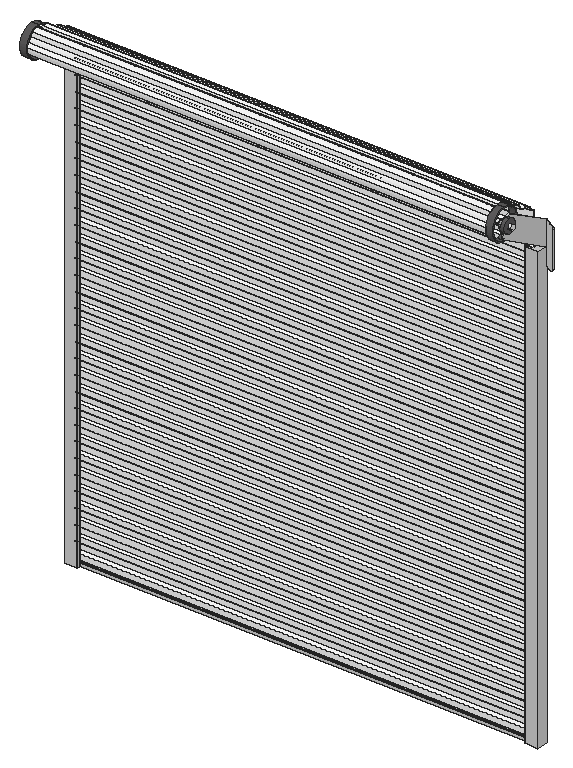
Revit family "ProStar-Rolling-Steel-Sheet-Doors_OHD_Model-770SS-REV-A_compact", category Specialty Equipment, host Wall, Revit 2023 (continued)
Definition of nested family "Motor"
  Automatic sketch dimensions
    SweptBlend 3 sketch curve to profile plane = 1.743"  (x2)
    SweptBlend 3 sketch curve to plane 3 "Center (Left/Right)" = 2.7335"  (x2)
    plane 3 "Center (Left/Right)" to SweptBlend 3 sketch curve = 0.26976"  (x2)
    plane 3 "Center (Left/Right)" to SweptBlend 3 sketch curve = 2.7335"  (x2)
    SweptBlend 3 sketch curve to SweptBlend 3 sketch curve = 7.83"
    SweptBlend 3 sketch curve to SweptBlend 3 sketch curve = 0.37887"  (x2)
    SweptBlend 3 sketch curve to profile plane = 1.25556"
    profile plane to SweptBlend 3 sketch curve = 2.007"
    SweptBlend 3 sketch curve to profile plane = 0.46716"  (x2)
    SweptBlend 3 sketch curve to SweptBlend 3 sketch curve = 3 19/32"  (x2)
    SweptBlend 3 sketch curve to SweptBlend 3 sketch curve = 0.33603"
    SweptBlend 3 sketch curve to SweptBlend 3 sketch curve = 3.70716"
    SweptBlend 3 sketch curve to profile plane = 8.34"
    SweptBlend 3 sketch curve to level = 12.368"
    SweptBlend 3 sketch curve to level = 5.998"
    SweptBlend 4 sketch curve to plane 3 "Center (Left/Right)" = 0"  (x2)
    profile plane to SweptBlend 4 sketch curve = 0.92799"  (x2)
    SweptBlend 4 sketch curve to profile plane = 0.32201"
    SweptBlend 4 sketch curve to plane 3 "Center (Left/Right)" = 2.7335"  (x2)
    SweptBlend 4 sketch curve to SweptBlend 4 sketch curve = 38.07601"
    profile plane to SweptBlend 4 sketch curve = 8.23084"
    profile plane to SweptBlend 4 sketch curve = 0.46716"  (x2)
    SweptBlend 4 sketch curve to profile plane = 0.78284"
    SweptBlend 4 sketch curve to level = 6.18182"
    level to SweptBlend 4 sketch curve = 2.182"
    Extrusion 5 sketch curve to curve 1 = 1.733"
    Extrusion 5 sketch curve to Extrusion 5 sketch curve = 0.047"  (x2)
    Extrusion 5 sketch curve to curve 1 = 0.88341"
    curve 1 to Extrusion 5 sketch curve = 0.76595"
    Extrusion 5 sketch curve to Extrusion 5 sketch curve = 0.43513"
    Extrusion 5 sketch curve to curve 1 = 6.81"
    Extrusion 5 sketch curve to Extrusion 5 sketch curve = 0.08225"  (x2)
    Extrusion 5 sketch curve to Extrusion 5 sketch curve = 0"
    curve 1 to Extrusion 5 sketch curve = 1/2"
    Extrusion 6 sketch curve to curve 1 = 5.1"
    Extrusion 6 sketch curve to Extrusion 6 sketch curve = 0.15"  (x4)
    Extrusion 6 sketch curve to curve 1 = 1.633"
    curve 1 to Extrusion 6 sketch curve = 1.483"
    curve 1 to Extrusion 6 sketch curve = 1/2"
    Revolve 7 sketch curve to curve 1 = 0"  (x2)
    curve 1 to Revolve 7 sketch curve = 3.4305"
    Revolve 7 sketch curve to Revolve 7 sketch curve = 0.697"
    Revolve 7 sketch curve to curve 1 = 1 1/8"
    Revolve 7 sketch curve to curve 1 = 2.7335"
    Revolve 7 sketch curve to Revolve 7 sketch curve = 3.0665"
    Extrusion 8 sketch curve to curve 1 = 4.7275"
    Revolve 7 sketch curve to curve 1 = 0.624"
    Revolve 7 sketch curve to Revolve 7 sketch curve = 1.7"
    Masking region 1 sketch curve to Masking region 1 sketch curve = 0"  (x3)
    Masking region 1 sketch curve to curve 1 = 0"  (x2)
    curve 1 to Masking region 1 sketch curve = 2.06925"
    curve 1 to Masking region 1 sketch curve = 2.84076"
    Masking region 1 sketch curve to curve 1 = 0.98753"
    Masking region 1 sketch curve to Masking region 1 sketch curve = 0.13914"  (x2)
    curve 1 to Masking region 1 sketch curve = 1 1/8"
    Masking region 1 sketch curve to curve 1 = 2.7335"
    Masking region 1 sketch curve to curve 1 = 0.16"
    Masking region 1 sketch curve to Masking region 1 sketch curve = 1.7"
    Masking region 1 sketch curve to Masking region 1 sketch curve = 0.294"
    curve 1 to Masking region 1 sketch curve = 0.624"
    curve 1 to Masking region 1 sketch curve = 2.7335"
    Masking region 1 sketch curve to Masking region 1 sketch curve = 0.697"
    Masking region 1 sketch curve to curve 1 = 5.7649"  (x2)
    Masking region 1 sketch curve to Masking region 1 sketch curve = 0.05812"
    Masking region 1 sketch curve to curve 1 = 0.624"
    Masking region 1 sketch curve to Masking region 1 sketch curve = 2.41"
    curve 1 to Masking region 1 sketch curve = 0.98753"
    curve 10 to curve 1 = 0"
    curve 8 to curve 1 = 0"
    curve 6 to curve 1 = 0"
    curve 1 to curve 8 = 2.84076"
    curve 1 to curve 10 = 12.26028"
    curve 1 to curve 6 = 32.764"
    curve 9 to curve 1 = 1.633"
    curve 5 to curve 9 = 1.1005"
    curve 3 to curve 4 = 1.7"
    curve 1 to curve 15 = 1.633"
    curve 15 to curve 7 = 1.1005"
    curve 4 to curve 1 = 1 1/8"
    curve 7 to curve 1 = 5.31201"
    curve 15 to curve 6 = 0.6737"
    curve 9 to curve 6 = 0.67372"
    curve 9 to curve 13 = 0.30379"
    curve 13 to curve 13 = 0.15126"
    curve 13 to curve 13 = 0.00068"
    curve 9 to curve 10 = 0.14979"
    curve 11 to curve 11 = 0.00108"
    curve 9 to curve 11 = 0"  (x2)
    curve 2 to curve 1 = 0.16"
    curve 2 to curve 3 = 0.174"
    curve 12 to curve 15 = 0.29752"
    curve 14 to curve 15 = 0.15176"
    curve 14 to curve 8 = 0.00077"
    curve 12 to curve 15 = 0.14876"
    curve 12 to curve 10 = 0.00088"
    curve 12 to curve 15 = 0"  (x2)
    curve 15 to curve 14 = 0.0001"
    curve 4 to curve 5 = 1.445"
    curve 7 to curve 1 = 2.57"
    curve 3 to curve 2 = 1.445"
    curve 1 to curve 3 = 1 1/8"
    curve 13 to curve 11 = 0.38656"
    curve 15 to curve 15 = 0.38644"
    curve 9 to curve 11 = 0.0001"
    curve 11 to curve 9 = 0"
    curve 15 to curve 14 = 0.00072"
    Extrusion 9 sketch curve to Extrusion 8 = 0"  (x2)
    Extrusion 9 sketch curve to Extrusion 8 = 0.98837"
    Extrusion 8 to Extrusion 9 sketch curve = 1.06267"
    Extrusion 9 sketch curve to Extrusion 9 sketch curve = 0.21916"
    Extrusion 9 sketch curve to Extrusion 8 = 1.38"
    Extrusion 9 sketch curve to Extrusion 9 sketch curve = 0.86089"
    Extrusion 9 sketch curve to Extrusion 8 = 1.09626"
    Extrusion 9 sketch curve to Extrusion 8 = 1.52374"
    Extrusion 10 sketch curve to level = 0"
    Extrusion 10 sketch curve to plane 1 "Center (Front/Back)" = 0"
    radius of Extrusion 10 sketch curve = 1/4"
Types (2): name | Voltage | Motor Type | Manual | Frequency | Electrical Operator | Current | Apparent Load Phase 1
  Manual push-up | 0 V | "Manual" | yes | 0 Hz | no | 0 A | 0 VA
  115 volts, one phase, 60 Hz (110-120V range) | 120 V | "RLD Operator" | no | 60 Hz | yes | 4 A | 480 VA
